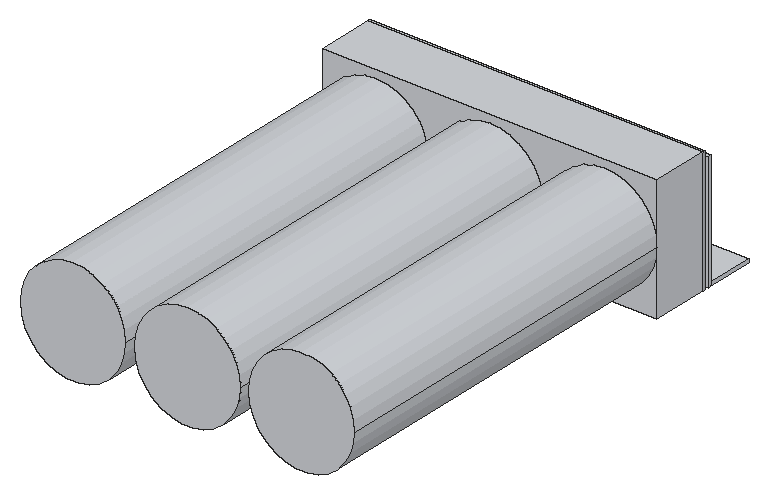
Revit family "dbc64de554db4f13811bf86a6c183f9b", category Mechanical Equipment, host Face, Revit 2021
Family settings
  Host = Face
  Round Connector Dimension = Use Radius
  Part Type = Normal
  OmniClass Number = 23.65.50.11.11.11
  OmniClass Title = Water Filters
  Seek Item ID = Water Filter - Wall Mounted-0000-USA-ENU
  Cut with Voids When Loaded = No
  Shared = No
  Room Calculation Point = No
Parameters (values of type "Standard")
  Water Filter Width = 0' - 8 1/2"
  Water Filter Length = 1' - 11 1/2"
  Water Filter Height = 2' - 9 3/4"
  Voltage = 120 V
  Pressure Drop [instance] = 3.00 psi
  Outlet Radius = 3/4"
  Outlet Diameter = 2 * Outlet Radius  # 1 1/2"
  Number of Poles = 1
  Load Classification = Appliance - Dwelling Unit
  Inlet Radius = 3/4"
  Inlet Diamter = 2 * Inlet Radius  # 1 1/2"
  Flow [instance] = 15 GPM
  Filter Material = none
  Default Elevation = 2' - 0"
  Cover Material = none
  Apparent Load = 27.5 VA
Reference planes (in)
  plane 1 "Center (Front/Back)": y = 0
  plane 2: z = 0
  plane 3 "Center (Left/Right)": x = 0
  plane 4: y = 33.75
  plane 5: x = -11.75
  plane 6: x = 11.75
  plane 7: y = 31.25
  plane 8: y = 31
  plane 9 "Filter Top": y = 30.5
  plane 10: y = 26.5
  plane 11: z = 0.25
  plane 12: z = 8.75
  plane 13: x = -8.03125
  plane 14: x = 8.03125
  plane 15: z = 4.5
  plane 16: z = 8.25
  plane 17: z = 1.46875
  plane 18: z = 5.46875
  plane 19: x = -11
  plane 20: x = -5
  plane 21: y = 34.5
  plane 22: x = -7
  plane 23: y = 32.5
  plane 24: z = 5.59375
Forms (in)
  Extrusion 1, solid, material <- "Filter Material", detail levels medium+fine
    sketch origin (0, 0, 0) x (1, 0, 0) y (0, 0, 1)
      loop
        line (11.75, 8.75) -> (-11.75, 8.75) -> (-11.75, 0) -> (11.75, 0) -> (11.75, 8.75)
    from -30.5 to -26.5
  Sweep 2, solid, material <- "Filter Material", detail levels medium+fine
    path origin (0, 30.5, 0) x (-1, 0, 0) y (0, 0, 1)
      loop
        line (-11.75, 0) -> (-11.75, 8.75) -> (11.75, 8.75) -> (11.75, 0)
    profile origin (11.75, 30.5, 4.375) x (1, 0, 0) y (0, 1, 0)
      loop
        line (-0.5, 0.5) -> (-1, 0.5) -> (-1, 0) -> (0, 0)
        arc (0, 0) -> (-0.14645, 0.35355) -> (-0.5, 0.5) r 0.5
  Extrusion 3, solid, material <- "Filter Material", detail levels medium+fine
    sketch origin (0, 30.5, 0) x (-1, 0, 0) y (0, 0, 1)
      loop
        line (-10.75, 7.75) -> (-10.75, 0) -> (10.75, 0) -> (10.75, 7.75) -> (-10.75, 7.75)
    from 0 to 0.5
  Extrusion 4, solid, material <- "Filter Material"
    sketch origin (0, 0, 0) x (1, 0, 0) y (0, 0, 1)
      loop
        circle (-8.03125, 4.5) r 3.71875
      loop
        circle (0, 4.5) r 3.71875
      loop
        circle (8.03125, 4.5) r 3.71875
    from -26.5 to 0
  Extrusion 5, solid, material <- "Cover Material", detail levels medium+fine
    sketch origin (0, 30.5, 0) x (-1, 0, 0) y (0, 0, 1)
      loop
        line (-11.75, 8.25) -> (-11.75, 0) -> (11.75, 0) -> (11.75, 8.25) -> (-11.75, 8.25)
    from 0.5 to 0.75
  Extrusion 6, solid, material <- "Cover Material"
    sketch origin (0, 0, 0) x (1, 0, 0) y (0, 1, 0)
      loop
        line (-11.75, 34.5) -> (-11.75, 31.25) -> (11.75, 31.25) -> (11.75, 34.5) -> (-11.75, 34.5)
    from 0 to 0.25
  Extrusion 7, solid, material <- "Cover Material"
    sketch origin (0, 30.5, 0) x (-1, 0, 0) y (0, 0, 1)
      loop
        line (5, 5.46875) -> (5, 1.46875) -> (11, 1.46875) -> (11, 5.46875) -> (5, 5.46875)
    from 0.75 to 3.25
  Extrusion 8, solid, material <- "Cover Material", detail levels medium+fine
    sketch origin (0, 0, 0) x (1, 0, 0) y (0, 1, 0)
      loop
        circle (-7, 32.5) r 0.5
    from 5.46875 to 5.59375
  Extrusion 9, solid, material <- "Filter Material", detail levels coarse
    sketch origin (0, 30.5, 0) x (-1, 0, 0) y (0, 0, 1)
      loop
        line (-11.75, 8.75) -> (-11.75, 0) -> (11.75, 0) -> (11.75, 8.75) -> (-11.75, 8.75)
    from -4 to 0.75
Cuts and joins
  joined: Extrusion 1, Sweep 2, Extrusion 3
Dimensions and locks (in)
  "Water Filter Height": plane 4 to plane 1 "Center (Front/Back)"
  equal spacing: plane 5, plane 3 "Center (Left/Right)", plane 6
  "Water Filter Length": plane 5 to plane 6
  locked: plane 4 to plane 7 at 2.5
  locked: plane 7 to plane 8 at 0.25
  locked: plane 8 to plane 9 "Filter Top" at 0.5
  locked: plane 9 "Filter Top" to plane 10 at 4
  locked: plane 2 to plane 11 at 0.25
  "Water Filter Width": plane 12 to plane 11
  locked: plane 13 to plane 5 at 3.71875
  locked: plane 6 to plane 14 at 3.71875
  locked: plane 15 to plane 11 at 4.25
  locked: plane 16 to plane 12 at 0.5
  locked: plane 11 to plane 17 at 1.21875
  locked: plane 17 to plane 18 at 4
  locked: plane 19 to plane 5 at 0.75
  locked: plane 20 to plane 19 at 6
  locked: plane 21 to plane 7 at 3.25
  locked: plane 22 to plane 20 at 2
  locked: plane 7 to plane 23 at 1.25
  locked: plane 18 to plane 24 at 0.125
  radius of Extrusion 4 sketch curve = 0' - 3 23/32"  (x3)
  radius of Extrusion 8 sketch curve = 0' - 0 1/2"
  aligned and locked: plane 2 to host face
  aligned and locked: level to host face
  aligned and locked: plane 6 to Extrusion 1 sketch curve
  aligned and locked: plane 12 to Extrusion 1 sketch curve
  aligned and locked: Extrusion 1 sketch curve to plane 5
  aligned and locked: plane 9 "Filter Top" to Extrusion 1
  aligned and locked: Extrusion 1 to plane 10
  aligned and locked: Sweep 2 sketch curve to plane 6
  aligned and locked: Sweep 2 sketch curve to plane 12
  aligned and locked: plane 5 to Sweep 2 sketch curve
  aligned and locked: cut or joined group of Extrusion 1, Sweep 2, Extrusion 3 to Extrusion 3 sketch curve  (x2)
  aligned and locked: Extrusion 3 sketch curve to cut or joined group of Extrusion 1, Sweep 2, Extrusion 3  (x2)
  aligned and locked: Extrusion 3 to plane 9 "Filter Top"
  aligned and locked: plane 8 to Extrusion 3
  aligned and locked: plane 15 to Extrusion 4 sketch curve  (x3)
  aligned and locked: plane 13 to Extrusion 4 sketch curve
  aligned and locked: plane 3 "Center (Left/Right)" to Extrusion 4 sketch curve
  aligned and locked: plane 14 to Extrusion 4 sketch curve
  aligned and locked: plane 10 to Extrusion 4
  aligned and locked: plane 1 "Center (Front/Back)" to Extrusion 4
  aligned and locked: plane 6 to Extrusion 5 sketch curve
  aligned and locked: Extrusion 5 sketch curve to plane 16
  aligned and locked: plane 2 to Extrusion 5 sketch curve
  aligned and locked: plane 5 to Extrusion 5 sketch curve
  aligned and locked: Extrusion 5 to plane 8
  aligned and locked: plane 7 to Extrusion 5
  aligned and locked: plane 5 to Extrusion 6 sketch curve
  aligned and locked: Extrusion 5 to Extrusion 6 sketch curve
  aligned and locked: Extrusion 6 sketch curve to Extrusion 5
  aligned and locked: Extrusion 6 to plane 2
  aligned and locked: plane 11 to Extrusion 6
  aligned and locked: plane 20 to Extrusion 7 sketch curve
  aligned and locked: Extrusion 7 sketch curve to plane 18
  aligned and locked: plane 17 to Extrusion 7 sketch curve
  aligned and locked: plane 19 to Extrusion 7 sketch curve
  aligned and locked: Extrusion 6 sketch curve to plane 21
  aligned and locked: plane 4 to Extrusion 7
  aligned and locked: Extrusion 7 to plane 7
  aligned and locked: plane 23 to Extrusion 8 sketch curve
  aligned and locked: plane 22 to Extrusion 8 sketch curve
  aligned and locked: Extrusion 8 to plane 18
  aligned and locked: plane 24 to Extrusion 8
  aligned and locked: Extrusion 9 sketch curve to cut or joined group of Extrusion 1, Sweep 2, Extrusion 3  (x2)
  aligned and locked: Extrusion 5 to Extrusion 9 sketch curve
  aligned and locked: Extrusion 9 sketch curve to Extrusion 5
  aligned and locked: Extrusion 9 to plane 10
  aligned and locked: plane 7 to Extrusion 9
  aligned and locked: host face to Sweep 2 sketch curve  (x2)
  aligned and locked: host face to Extrusion 1 sketch curve
Automatic sketch dimensions
  Sweep 2 sketch curve to plane 9 "Filter Top" = 0' - 0"
  Sweep 2 sketch curve to profile plane = 0' - 0"
  plane 9 "Filter Top" to Sweep 2 sketch curve = 0' - 0 1/2"
  Sweep 2 sketch curve to Sweep 2 sketch curve = 0' - 0 1/2"
  host sketch curve to host sketch curve = 8' - 0"
  host sketch curve to host sketch curve = 9' - 4.3152"
Connectors (in)
  piping at (11.75, 28.5, 4.375), diameter 1.5, driven by "Flow", driven by "Inlet Radius"
    settings: on cut or joined group of Extrusion 1, Sweep 2, Extrusion 3, index 1, connector inside diameter 1 1/2", connector length 0' - 0", flow factor 0, pipe flow 15 GPM, pressure drop 0.00 psi, fitting loss kfactor 0, connector angle 0.00°, fixture units 0, engagement length 0' - 0", angle of deflection 0.00°, flow configuration 1, flow direction 1, fitting loss method 0, system type 20, joint type 0, gender type 0, connector reference index -1, connector utility 0, adjustable connector no, is connector primary yes, connector description ""
  piping at (-11.75, 28.5, 4.375), diameter 1.5, driven by "Pressure Drop", driven by "Flow", driven by "Outlet Radius"
    settings: on cut or joined group of Extrusion 1, Sweep 2, Extrusion 3, index 2, connector inside diameter 1 1/2", connector length 0' - 0", flow factor 0, pipe flow 15 GPM, pressure drop 3.00 psi, fitting loss kfactor 0, connector angle 0.00°, fixture units 0, engagement length 0' - 0", angle of deflection 0.00°, flow configuration 0, flow direction 2, fitting loss method 4, system type 20, joint type 0, gender type 0, connector reference index -1, connector utility 0, adjustable connector no, is connector primary no, connector description ""
  electrical at (-11, 32.5, 3.46875), driven by "Apparent Load", driven by "Voltage", driven by "Number of Poles", driven by "Load Classification"
    settings: on Extrusion 7, index 3, voltage 120 V, apparent load 27.5 VA, apparent load phase1 0 VA, apparent load phase2 0 VA, apparent load phase3 0 VA, power factor 0.8, load classification "Appliance - Dwelling Unit", number of poles 1, system type 30, power factor state 1, is connector primary yes, connector utility no, sub classification motor no, connector description ""
